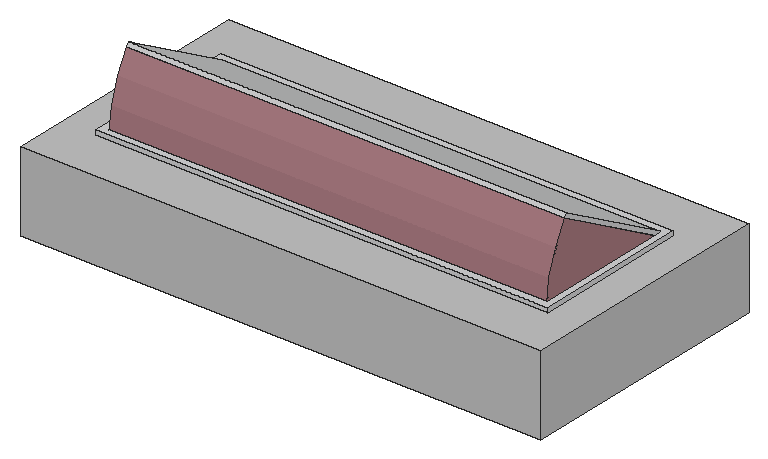
Revit family "ALE_RB35_C50", category Equipement spécialisé, Revit 2017
Family settings
  Cote de connecteur circulaire = Utiliser le diamètre
  Type d'élément = Normal
  Basée sur le plan de construction = Non
  Toujours verticalement = Oui
  Couper avec des vides une fois chargée = Non
  Partagée = Non
  Point de calcul de pièce = Non
Parameters (values of type "ALE RoadBlocker - 3030 mm x 980 mm")
  matériau_massif = MASSIF BETON
  matériau_cadre = PLAQUE AU SOL
  matèriau_barrière = POSTE ESCAMOTABLE
  longueur_massif = 3600 mm
  largeur_plaque = largeur - 50 mm  # 930 mm
  largeur_massif = 1800 mm
  largeur = 980 mm
  longueur = 3030 mm
  hauteur_massif = 550 mm
  epaisseur_plaque = 30 mm
  epaisseur_cadre = 30 mm
  URL = "http://bornes-escamotables.com/"
  Modèle = "RB35 C50"
  L2 = longueur  # 3030 mm
  L1 = L2 / 2  # 1515 mm
  Hauteur_barrière = 380 mm
  Fabricant = "AMCO Les Escamotables"
Types (2, lengths in mm): name | longueur_massif | longueur | epaisseur_plaque | L2 | L1
  ALE RoadBlocker - 3030 mm x 980 mm | 3600 | 3030 | 30 | 3030 | 1515
  ALE RoadBlocker - 6030 mm x 980 mm | 6600 | 6030 | 25 | 6030 | 3015
Reference planes
  plane 1 "Centre (avant/arrière)": y = 0
  plane 2: z = 0
  plane 3 "Centre (gauche/droite)": x = 0
  plane 4: y = 490
  plane 5: x = 1515
  plane 6: x = -1515
  plane 7: y = -490
  plane 8: y = -260
  plane 9: y = 260
  plane 10: z = 30
  plane 11: y = 540
  plane 12: x = 1565
  plane 13: y = -540
  plane 14: x = -1565
  plane 15: y = 260
Forms (mm)
  Extrusion 1, solid, material "PLAQUE AU SOL" <- "matériau_cadre"
    sketch origin (0, 0, 0) x (1, 0, 0) y (0, 1, 0)
      loop
        line (-1515, 490) -> (-1515, -490) -> (1515, -490) -> (1515, 490) -> (-1515, 490)
      loop
        line (-1565, 540) -> (-1565, -540) -> (1565, -540) -> (1565, 540) -> (-1565, 540)
    from 0 to 30
  Sweep 2, solid, material "POSTE ESCAMOTABLE" <- "matèriau_barrière"
    path origin (0, 0, 0) x (1, 0, 0) y (0, 1, 0)
      loop
        line (-1515, 0) -> (1515, 0)
    profile origin (0, 0, 0) x (0, 1, 0) y (0, 0, 1)
      loop
        line (490, 0) -> (-330.42, 473.67)
        arc (-330.42, 473.67) -> (-444.465, 248.375) -> (-490, 0) r 882.013
        line (-490, 0) -> (490, 0)
Lines and regions (mm)
  symbolic lines
    curve 1: line (1565, 540, 0) -> (-1565, 540, 0)
    curve 2: line (-1565, 540, 0) -> (-1565, -540, 0)
    curve 3: line (-1565, -540, 0) -> (1565, -540, 0)
    curve 4: line (1565, -540, 0) -> (1565, 540, 0)
    curve 5: line (1515, 490, 0) -> (1515, -490, 0)
    curve 6: line (-1515, -490, 0) -> (-1515, 490, 0)
    curve 7: line (-1515, 490, 0) -> (1515, 490, 0)
    curve 8: line (-1515, -490, 0) -> (1515, -490, 0)
Dimensions and locks
  equal spacing: plane 6, plane 3 "Centre (gauche/droite)", plane 5
  "longueur": plane 6 to plane 5
  equal spacing: plane 4, plane 1 "Centre (avant/arrière)", plane 7
  "largeur": plane 4 to plane 7
  equal spacing: plane 8, plane 1 "Centre (avant/arrière)", plane 9
  plane 8 to plane 9 = 520 mm
  locked: plane 7 to plane 13 at 50
  equal spacing: plane 11, plane 1 "Centre (avant/arrière)", plane 13
  equal spacing: plane 14, plane 3 "Centre (gauche/droite)", plane 12
  locked: plane 14 to plane 6 at 50
  "epaisseur_cadre": plane 10 to level
  angle Sweep 2 sketch curve to plane 2 = 30.00°
  aligned and locked: level to plane 2
  aligned and locked: Extrusion 1 sketch curve to plane 7
  aligned and locked: Extrusion 1 sketch curve to plane 5
  aligned and locked: Extrusion 1 sketch curve to plane 4
  aligned and locked: plane 6 to Extrusion 1 sketch curve
  aligned and locked: Extrusion 1 sketch curve to plane 11
  aligned and locked: Extrusion 1 sketch curve to plane 12
  aligned and locked: plane 13 to Extrusion 1 sketch curve
  aligned and locked: Extrusion 1 sketch curve to plane 14
  aligned and locked: plane 5 to Sweep 2 sketch curve
  aligned and locked: plane 6 to Sweep 2 sketch curve
  aligned and locked: plane 1 "Centre (avant/arrière)" to Sweep 2 sketch curve
  aligned and locked: plane 10 to Extrusion 1
  aligned and locked: plane 7 to Sweep 2 sketch curve
  aligned and locked: plane 4 to Sweep 2 sketch curve
  aligned and locked: plane 2 to Sweep 2 sketch curve  (x2)
  aligned and locked: curve 5 to plane 5
  aligned and locked: plane 6 to curve 6
  aligned and locked: curve 7 to plane 4
  aligned and locked: curve 8 to plane 7
  aligned and locked: curve 1 to Extrusion 1
  aligned and locked: curve 2 to Extrusion 1
  aligned and locked: curve 3 to Extrusion 1
  aligned and locked: curve 4 to Extrusion 1
  aligned and locked: plane 3 "Centre (gauche/droite)" to nested 1
Automatic sketch dimensions
  Sweep 2 sketch curve to level = 33.224 mm
  Sweep 2 sketch curve to Sweep 2 sketch curve = 98.613 mm
Nested families
  nested 1: "LBA_plaque_borne" at (0, 69.978, 242.5) x (1, 0, 0) z (0, 0.5, 0.866), type "PLAQUE"
    with epaisseur_plaque 30 mm
  nested 2: "LBA_massif_sousterre_carré" at (0, 0, 0), type "Base"
    with longueur 3600 mm, largeur 1800 mm, hauteur_massif 550 mm
Definition of nested family "LBA_plaque_borne"
  Parameters (values of type "PLAQUE")
    Largeur_plaque = 930 mm
    epaisseur_plaque = 20 mm
    l2_plaque = Longueur_plaque - l1_plaque  # 1515 mm
    l1_plaque = 1515 mm
    Matériau_plaque = none
    Longueur_plaque = 3030 mm
    Default Elevation = 1219.2 mm
  Reference planes
    plane 1 "Centre (avant/arrière)": y = 0
    plane 2: z = 0
    plane 3 "Centre (gauche/droite)": x = 0
    plane 4: y = 465
    plane 5: x = 1515
    plane 6: x = -1515
    plane 7: y = -465
    plane 8: y = -125
    plane 9: y = 125
    plane 10: z = 20
  Forms (mm)
    Extrusion 1, solid, material <- "Matériau_plaque"
      sketch origin (0, 0, 0) x (1, 0, 0) y (0, 1, 0)
        loop
          line (-1515, 465) -> (-1515, -465) -> (1515, -465) -> (1515, 465) -> (-1515, 465)
      from 0 to 20
  Lines and regions (mm)
    symbolic lines
      curve 1: line (1515, 465, 0) -> (-1515, 465, 0)
      curve 2: line (1515, -465, 0) -> (1515, 465, 0)
      curve 3: line (-1515, -465, 0) -> (1515, -465, 0)
      curve 4: line (-1515, 465, 0) -> (-1515, -465, 0)
    model lines, not visible
      curve 5: circle (0, 465, 0) r 20 normal (1, 0, 0)
  Dimensions and locks
    equal spacing: plane 4, plane 1 "Centre (avant/arrière)", plane 7
    "Largeur_plaque": plane 4 to plane 7
    equal spacing: plane 8, plane 1 "Centre (avant/arrière)", plane 9
    plane 8 to plane 9 = 250 mm
    "epaisseur_plaque": plane 10 to plane 2
    "l1_plaque": plane 3 "Centre (gauche/droite)" to plane 5
    "l2_plaque": plane 6 to plane 3 "Centre (gauche/droite)"
    aligned and locked: level to plane 2
    aligned and locked: Extrusion 1 sketch curve to plane 4
    aligned and locked: plane 6 to Extrusion 1 sketch curve
    aligned and locked: Extrusion 1 sketch curve to plane 7
    aligned and locked: Extrusion 1 sketch curve to plane 5
    aligned and locked: plane 10 to Extrusion 1
    aligned and locked: curve 1 to Extrusion 1
    aligned and locked: curve 2 to Extrusion 1
    aligned and locked: curve 3 to Extrusion 1
    aligned and locked: curve 4 to Extrusion 1
  Automatic sketch dimensions
    curve 5 to level = 0 mm
    curve 5 to plane 4 = 0 mm
    radius of curve 5 = 20 mm
Definition of nested family "LBA_massif_sousterre_carré"
  Parameters (values of type "Base")
    longueur = 1700 mm
    largeur = 1700 mm
    hauteur_massif = 1760 mm
    Matériau_piston = none
  Reference planes
    plane 1 "Centre (avant/arrière)": y = 0
    plane 2: z = 0
    plane 3 "Centre (gauche/droite)": x = 0
    plane 4: y = -125
    plane 5: y = 125
    plane 6: z = -1760
    plane 7: x = -850
    plane 8: x = 850
    plane 9: y = -850
    plane 10: y = 850
  Forms (mm)
    Extrusion 1, solid, material <- "Matériau_piston"
      sketch origin (0, 0, 0) x (1, 0, 0) y (0, 1, 0)
        loop
          line (-850, 850) -> (-850, -850) -> (850, -850) -> (850, 850) -> (-850, 850)
      from 0 to -1760
  Lines and regions (mm)
    symbolic lines
      curve 1: line (-850, 850, 0) -> (850, 850, 0)
      curve 2: line (-850, -850, 0) -> (-850, 850, 0)
      curve 3: line (850, -850, 0) -> (-850, -850, 0)
      curve 4: line (850, 850, 0) -> (850, -850, 0)
  Dimensions and locks
    equal spacing: plane 4, plane 1 "Centre (avant/arrière)", plane 5
    plane 4 to plane 5 = 250 mm
    "hauteur_massif": plane 2 to plane 6
    equal spacing: plane 7, plane 3 "Centre (gauche/droite)", plane 8
    equal spacing: plane 10, plane 1 "Centre (avant/arrière)", plane 9
    "largeur": plane 10 to plane 9
    "longueur": plane 7 to plane 8
    aligned and locked: level to plane 2
    aligned and locked: plane 6 to Extrusion 1
    aligned and locked: plane 2 to Extrusion 1
    aligned and locked: Extrusion 1 sketch curve to plane 10
    aligned and locked: Extrusion 1 sketch curve to plane 7
    aligned and locked: Extrusion 1 sketch curve to plane 9
    aligned and locked: Extrusion 1 sketch curve to plane 8
    aligned and locked: curve 1 to plane 10
    aligned and locked: curve 2 to plane 7
    aligned and locked: curve 3 to plane 9
    aligned and locked: curve 4 to plane 8
